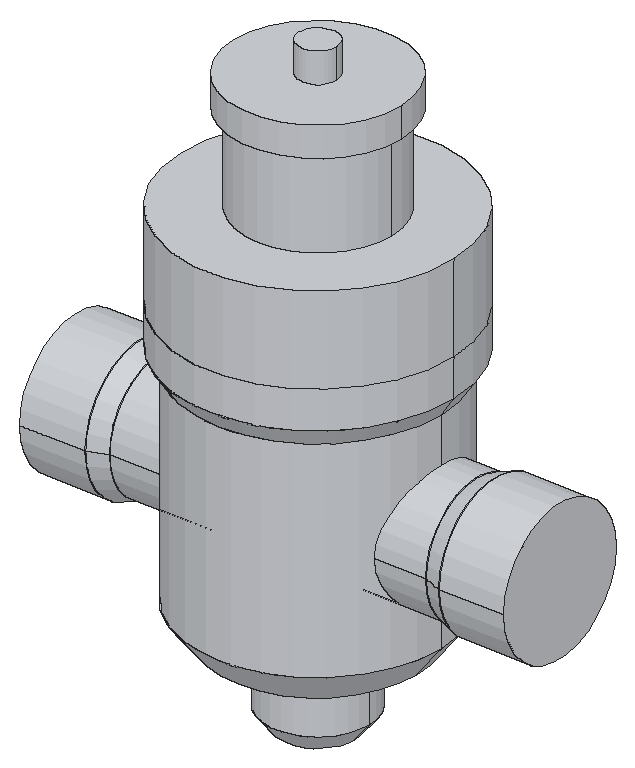
Revit family "VSX10P_DN15_PN16_RFA_2019", category Pipe Accessories, Revit 2019
Family settings
  Round Connector Dimension = Use Diameter
  Part Type = Valve - Breaks Into
  Work Plane-Based = No
  Always vertical = Yes
  Cut with Voids When Loaded = No
  Shared = No
Parameters (values of type "VSX10P G1/2  PN16 kvs0,4")
  magiProductId = ""
  magiProductFamilyId = ""
  magiPartTypeId = 306
  isMeasuringValve [instance] = no
  ang2D [instance] = 0.00°
  Z8 = 4 mm
  Z7__ve = -Z7  # -3.2 mm
  Z7 = 3.2 mm
  Z5 = 9.45 mm
  Z3 = 2 mm
  Z2 = 4.6 mm
  Z1 = 3.45 mm
  X4__ve = -X4  # -7 mm
  X4 = 7 mm
  X3 = 34 mm
  W2D = 15 mm
  VersionID = ""
  Use Minimum Symbol Size [instance] = yes
  URL = "www.hydronix.cz"
  Type Comments = "Závitový, vnější závit, ploché těsnění; LIN charakteristika; PN16; +5~+95°C; max.rychlost proudění 3,0 m/s"
  R9 = 9 mm
  R8 = 2 mm
  R7 = 14.63 mm
  R6 = 10.64 mm
  R5 = 6.703 mm
  R4 = 5.586 mm
  R3 = 3.99 mm
  R2 = 13.3 mm
  R10 = 8 mm
  R1 = 6.75 mm
  QmdConnectorList = "301;D;302;D"
  Productdata [instance] = ""
  Manufacturer = "Hydronix"
  MC Product Code = "VSX10P (G1/2\"; dpmax=250kPa; kvs 0,4)"
  LT2 = 19 mm
  L2D_Min = 3048 mm
  L2D = 38 mm
  H1 = 22.5 mm
  H = 27 mm
  E = 16 mm
  Description = "2 cestný regulační ventil malých spotřebičů, DN15; zdvih 2,5mm; max dp 250kPa; kvs0,4"
  DT2 = 7.5 mm
  D = 15 mm
  CAT0 = yes
  C = 23 mm
Types (8, lengths in mm): name | Z5 | Z2 | Z1 | X3 | R7 | R6 | R5 | R4 | R3 | R2 | R1 | MC Product Code | LT2 | H | Description | DT2 | D | C
  VSX09P G1/2  PN16 kvs0,25 | 9.45 | 4.6 | 3.45 | 34 | 14.63 | 10.64 | 6.703 | 5.586 | 3.99 | 13.3 | 6.75 | "VSX09P (G1/2\"; dpmax=250kPa; kvs 0,25)" | 19 | 27 | "2 cestný regulační ventil malých spotřebičů, DN15; zdvih 2,5mm; max dp 250kPa; kvs0,25" | 7.5 | 15 | 23
  VSX10P G1/2  PN16 kvs0,4 | 9.45 | 4.6 | 3.45 | 34 | 14.63 | 10.64 | 6.703 | 5.586 | 3.99 | 13.3 | 6.75 | "VSX10P (G1/2\"; dpmax=250kPa; kvs 0,4)" | 19 | 27 | "2 cestný regulační ventil malých spotřebičů, DN15; zdvih 2,5mm; max dp 250kPa; kvs0,4" | 7.5 | 15 | 23
  VSX11P G1/2  PN16 kvs0,6 | 9.45 | 4.6 | 3.45 | 34 | 14.63 | 10.64 | 6.703 | 5.586 | 3.99 | 13.3 | 6.75 | "VSX11P (G1/2\"; dpmax=250kPa; kvs 0,6)" | 19 | 27 | "2 cestný regulační ventil malých spotřebičů, DN15; zdvih 2,5mm; max dp 250kPa; kvs0,6" | 7.5 | 15 | 23
  VSX12P G1/2  PN16 kvs1,0 | 9.45 | 4.6 | 3.45 | 34 | 14.63 | 10.64 | 6.703 | 5.586 | 3.99 | 13.3 | 6.75 | "VSX12P (G1/2\"; dpmax=250kPa; kvs 1,0)" | 19 | 27 | "2 cestný regulační ventil malých spotřebičů, DN15; zdvih 2,5mm; max dp 250kPa; kvs1,0" | 7.5 | 15 | 23
  VSX13P G1/2  PN16 kvs1,6 | 9.45 | 4.6 | 3.45 | 34 | 14.63 | 10.64 | 6.703 | 5.586 | 3.99 | 13.3 | 6.75 | "VSX13P (G1/2\"; dpmax=250kPa; kvs 1,6)" | 19 | 27 | "2 cestný regulační ventil malých spotřebičů, DN15; zdvih 2,5mm; max dp 250kPa; kvs1,6" | 7.5 | 15 | 23
  VSX21P G3/4  PN16 kvs2,5 | 9.1 | 4.8 | 3.6 | 38 | 16.17 | 11.76 | 7.409 | 6.174 | 4.41 | 14.7 | 9 | "VSX21P (G3/4\"; dpmax=150kPa; kvs 2,5)" | 21 | 26 | "2 cestný regulační ventil malých spotřebičů, DN20; zdvih 2,5mm; max dp 150kPa; kvs2,5" | 10 | 20 | 24
  VSX24P G3/4  PN16 kvs4,0 | 9.1 | 4.8 | 3.6 | 38 | 16.17 | 11.76 | 7.409 | 6.174 | 4.41 | 14.7 | 9 | "VSX24P (G3/4\"; dpmax=150kPa; kvs 4,0)" | 21 | 26 | "2 cestný regulační ventil malých spotřebičů, DN20; zdvih 2,5mm; max dp 150kPa; kvs4,0" | 10 | 20 | 24
  VSX26P G3/4  PN16 kvs6,0 | 9.1 | 4.8 | 3.6 | 38 | 16.17 | 11.76 | 7.409 | 6.174 | 4.41 | 14.7 | 9 | "VSX26P (G3/4\"; dpmax=150kPa; kvs 6,0)" | 21 | 26 | "2 cestný regulační ventil malých spotřebičů, DN20; zdvih 2,5mm; max dp 150kPa; kvs6,0" | 10 | 20 | 24
Reference planes
  plane 1 "Center (Front/Back)": y = 0
  plane 2 "XYPLANE": z = 0
  plane 3 "Center (Left/Right)": x = 0
  plane 4 "271": z = 36.6
  plane 5 "254": z = 11.55
  plane 6 "253": z = 17.55
  plane 7 "148": z = 39.8
  plane 8 "132": z = 43
  plane 9 "62": z = 13.55
  plane 10 "53": z = 27
  plane 11 "52": z = -10.95
  plane 12 "48": z = -14.4
  plane 13 "47": z = -16.4
  plane 14 "38": z = -21
  plane 15 "37": x = 17
  plane 16 "36": x = 19
  plane 17 "23": z = -23
  plane 18 "19": x = -17
  plane 19 "15": x = -19
  plane 20 "6": x = 26
  plane 21 "5": x = -26
  plane 22 "3": z = 0
  plane 23 "2": y = 0
  plane 24 "1": x = 0
Forms (mm)
  Extrusion 1, solid, visible <- "CAT0"
    sketch origin (-750, 0, 43) x (1, 0, 0) y (0, 1, 0)
      loop
        circle (750, 0) r 2
    from 0 to -3.2 <- "Z7__ve"
  Extrusion 2, solid, visible <- "CAT0"
    sketch origin (-750, 0, 36.6) x (1, 0, 0) y (0, 1, 0)
      loop
        circle (750, 0) r 8
    from 0 to -19
  Extrusion 3, solid, visible <- "CAT0"
    sketch origin (-17, -750, 0) x (0, 1, 0) y (0, 0, 1)
      loop
        circle (750, 0) r 6.75
    from 0 to 34 <- "X3"
  Extrusion 4, solid
    sketch origin (-750, 0, 13.55) x (1, 0, 0) y (0, 1, 0)
      loop
        circle (750, 0) r 14.63
    from 0 to 4 <- "Z8"
  Extrusion 5, solid
    sketch origin (-750, 0, 39.8) x (1, 0, 0) y (0, 1, 0)
      loop
        circle (750, 0) r 9
    from 0 to -3.2 <- "Z7__ve"
  Extrusion 6, solid
    sketch origin (-750, 0, 17.55) x (1, 0, 0) y (0, 1, 0)
      loop
        circle (750, 0) r 14.63
    from 0 to 9.45 <- "Z5"
  Blend 7, solid
    base sketch origin (-750, 0, 11.55) x (1, 0, 0) y (0, 1, 0)
      loop
        circle (750, 0) r 13.3
    top sketch origin (-750, 0, 11.55) x (1, 0, 0) y (0, 1, 0)
      loop
        circle (750, 0) r 14.63
    from 0 to 2
  Blend 8, solid
    base sketch origin (-750, 0, -10.95) x (1, 0, 0) y (0, 1, 0)
      loop
        circle (750, 0) r 13.3
    top sketch origin (-750, 0, -10.95) x (1, 0, 0) y (0, 1, 0)
      loop
        circle (750, 0) r 10.64
    from 0 to -3.45
  Blend 9, solid
    base sketch origin (-750, 0, -14.4) x (1, 0, 0) y (0, 1, 0)
      loop
        circle (750, 0) r 6.703
    top sketch origin (-750, 0, -14.4) x (1, 0, 0) y (0, 1, 0)
      loop
        circle (750, 0) r 5.586
    from 0 to -2
  Extrusion 10, solid
    sketch origin (-750, 0, -21) x (1, 0, 0) y (0, 1, 0)
      loop
        circle (750, 0) r 5.586
    from 0 to 4.6 <- "Z2"
  Blend 11, solid
    base sketch origin (-750, 0, -23) x (1, 0, 0) y (0, 1, 0)
      loop
        circle (750, 0) r 3.99
    top sketch origin (-750, 0, -23) x (1, 0, 0) y (0, 1, 0)
      loop
        circle (750, 0) r 5.586
    from 0 to 2
  Extrusion 12, solid
    sketch origin (26, -750, 0) x (0, 1, 0) y (0, 0, 1)
      loop
        circle (750, 0) r 7.5
    from 0 to -7 <- "X4__ve"
  Blend 13, solid
    base sketch origin (19, -750, 0) x (0, 1, 0) y (0, 0, 1)
      loop
        circle (750, 0) r 7.5
    top sketch origin (19, -750, 0) x (0, 1, 0) y (0, 0, 1)
      loop
        circle (750, 0) r 6.75
    from 0 to -2
  Extrusion 14, solid
    sketch origin (-750, 0, -10.95) x (1, 0, 0) y (0, 1, 0)
      loop
        circle (750, 0) r 13.3
    from 0 to 22.5 <- "H1"
  Blend 15, solid
    base sketch origin (-19, -750, 0) x (0, 1, 0) y (0, 0, 1)
      loop
        circle (750, 0) r 7.5
    top sketch origin (-19, -750, 0) x (0, 1, 0) y (0, 0, 1)
      loop
        circle (750, 0) r 6.75
    from 0 to 2
  Extrusion 16, solid
    sketch origin (-26, -750, 0) x (0, 1, 0) y (0, 0, 1)
      loop
        circle (750, 0) r 7.5
    from 0 to 7 <- "X4"
  Extrusion 17, solid, not visible
    sketch origin (19, -750, 0) x (0, 1, 0) y (0, 0, 1)
      loop
        circle (750, 0) r 10
    from 0 to -10
  Extrusion 18, solid, not visible
    sketch origin (-19, -750, 0) x (0, 1, 0) y (0, 0, 1)
      loop
        circle (750, 0) r 10
    from 0 to 10
Lines and regions (mm)
  reference lines, not visible
    curve 1: circle (2, 2, 0) r 1 normal (0, 0, 1)
Dimensions and locks
  plane 1 "Center (Front/Back)" to curve 1 = 2 mm
  "Z7": plane 7 "148" to plane 4 "271"
  "Z3": plane 9 "62" to plane 5 "254"
  "Z5": plane 10 "53" to plane 6 "253"
  "Z7": plane 8 "132" to plane 7 "148"
  "E": plane 10 "53" to plane 8 "132"
  "Z8": plane 6 "253" to plane 9 "62"
  "H": plane 2 "XYPLANE" to plane 10 "53"
  "Z1": plane 12 "48" to plane 11 "52"
  "Z3": plane 13 "47" to plane 12 "48"
  "Z2": plane 14 "38" to plane 13 "47"
  "Z3": plane 17 "23" to plane 14 "38"
  locked: plane 16 "36" to plane 15 "37" at 2
  "LT2": plane 3 "Center (Left/Right)" to plane 16 "36"
  "C": plane 2 "XYPLANE" to plane 17 "23"
  locked: plane 19 "15" to plane 18 "19" at 2
  "LT2": plane 3 "Center (Left/Right)" to plane 19 "15"
  "X4": plane 16 "36" to plane 20 "6"
  "X4": plane 19 "15" to plane 21 "5"
  locked: plane 2 "XYPLANE" to plane 22 "3"
  locked: plane 1 "Center (Front/Back)" to plane 23 "2"
  locked: plane 3 "Center (Left/Right)" to plane 24 "1"
  "R8": radius of Extrusion 1 sketch curve
  "R10": radius of Extrusion 2 sketch curve
  "R1": radius of Extrusion 3 sketch curve
  "R7": radius of Extrusion 4 sketch curve
  "R9": radius of Extrusion 5 sketch curve
  "R7": radius of Extrusion 6 sketch curve
  "R7": radius of Blend 7 sketch curve
  "R2": radius of Blend 7 sketch curve
  "R6": radius of Blend 8 sketch curve
  "R2": radius of Blend 8 sketch curve
  "R4": radius of Blend 9 sketch curve
  "R5": radius of Blend 9 sketch curve
  "R4": radius of Extrusion 10 sketch curve
  "R4": radius of Blend 11 sketch curve
  "R3": radius of Blend 11 sketch curve
  "DT2": radius of Extrusion 12 sketch curve
  "R1": radius of Blend 13 sketch curve
  "DT2": radius of Blend 13 sketch curve
  "R2": radius of Extrusion 14 sketch curve
  "R1": radius of Blend 15 sketch curve
  "DT2": radius of Blend 15 sketch curve
  "DT2": radius of Extrusion 16 sketch curve
  aligned and locked: level to plane 2 "XYPLANE"
  aligned and locked: plane 23 "2" to Extrusion 1 sketch curve
  aligned and locked: plane 24 "1" to Extrusion 1 sketch curve
  aligned and locked: plane 23 "2" to Extrusion 2 sketch curve
  aligned and locked: plane 24 "1" to Extrusion 2 sketch curve
  aligned and locked: plane 22 "3" to Extrusion 3 sketch curve
  aligned and locked: Extrusion 3 sketch curve to plane 23 "2"
  aligned and locked: plane 23 "2" to Extrusion 4 sketch curve
  aligned and locked: plane 24 "1" to Extrusion 4 sketch curve
  aligned and locked: plane 23 "2" to Extrusion 5 sketch curve
  aligned and locked: plane 24 "1" to Extrusion 5 sketch curve
  aligned and locked: plane 23 "2" to Extrusion 6 sketch curve
  aligned and locked: plane 24 "1" to Extrusion 6 sketch curve
  aligned and locked: plane 23 "2" to Blend 7 sketch curve  (x2)
  aligned and locked: plane 24 "1" to Blend 7 sketch curve  (x2)
  aligned and locked: plane 9 "62" to Blend 7
  aligned and locked: plane 23 "2" to Blend 8 sketch curve  (x2)
  aligned and locked: plane 24 "1" to Blend 8 sketch curve  (x2)
  aligned and locked: Blend 8 to plane 12 "48"
  aligned and locked: plane 23 "2" to Blend 9 sketch curve  (x2)
  aligned and locked: plane 24 "1" to Blend 9 sketch curve  (x2)
  aligned and locked: Blend 9 to plane 13 "47"
  aligned and locked: plane 23 "2" to Extrusion 10 sketch curve
  aligned and locked: plane 24 "1" to Extrusion 10 sketch curve
  aligned and locked: plane 23 "2" to Blend 11 sketch curve  (x2)
  aligned and locked: plane 24 "1" to Blend 11 sketch curve  (x2)
  aligned and locked: plane 14 "38" to Blend 11
  aligned and locked: plane 22 "3" to Extrusion 12 sketch curve
  aligned and locked: Extrusion 12 sketch curve to plane 23 "2"
  aligned and locked: plane 22 "3" to Blend 13 sketch curve  (x2)
  aligned and locked: Blend 13 sketch curve to plane 23 "2"  (x2)
  aligned and locked: Blend 13 to plane 15 "37"
  aligned and locked: plane 23 "2" to Extrusion 14 sketch curve
  aligned and locked: plane 24 "1" to Extrusion 14 sketch curve
  aligned and locked: plane 22 "3" to Blend 15 sketch curve  (x2)
  aligned and locked: Blend 15 sketch curve to plane 23 "2"  (x2)
  aligned and locked: plane 18 "19" to Blend 15
  aligned and locked: plane 22 "3" to Extrusion 16 sketch curve
  aligned and locked: Extrusion 16 sketch curve to plane 23 "2"
  aligned and locked: plane 22 "3" to Extrusion 17 sketch curve
  aligned and locked: Extrusion 17 sketch curve to plane 23 "2"
  aligned and locked: plane 22 "3" to Extrusion 18 sketch curve
  aligned and locked: Extrusion 18 sketch curve to plane 23 "2"
Automatic sketch dimensions
  plane 1 "Center (Front/Back)" to Extrusion 17 sketch curve = 10 mm
  plane 1 "Center (Front/Back)" to Extrusion 18 sketch curve = 10 mm
  plane 3 "Center (Left/Right)" to curve 1 = 2 mm
  radius of curve 1 = 1 mm
Connectors
  piping at (-19, 0, 0), diameter 15, driven by "D"
    settings: on Extrusion 18, index 1, connector inside diameter 609.6 mm, connector length 0 mm, flow factor 0, pipe flow 0.0 L/s, pressure drop 0.0 Pa, fitting loss kfactor 0, connector angle 0.00°, fixture units 0, engagement length 0 mm, angle of deflection 0.00°, flow configuration 0, flow direction 0, fitting loss method 0, system type 29, joint type 0, gender type 0, connector reference index 2, connector utility 0, adjustable connector no, is connector primary yes, connector description ""
  piping at (19, 0, 0), diameter 15, driven by "D"
    settings: on Extrusion 17, index 2, connector inside diameter 609.6 mm, connector length 0 mm, flow factor 0, pipe flow 0.0 L/s, pressure drop 0.0 Pa, fitting loss kfactor 0, connector angle 0.00°, fixture units 0, engagement length 0 mm, angle of deflection 0.00°, flow configuration 0, flow direction 0, fitting loss method 0, system type 29, joint type 0, gender type 0, connector reference index 1, connector utility 0, adjustable connector no, is connector primary no, connector description ""
